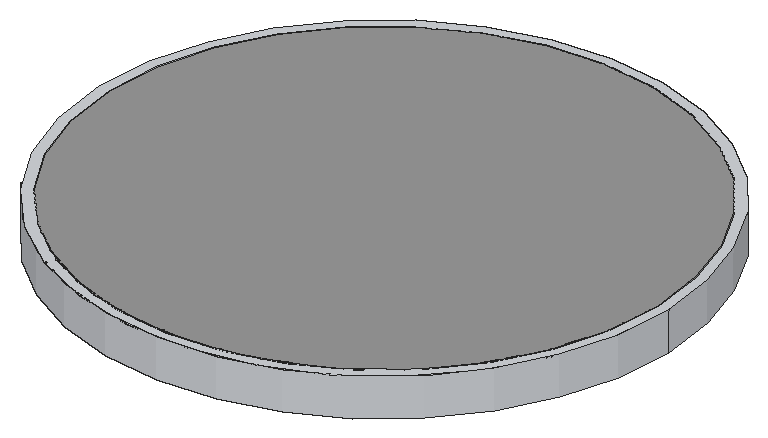
Revit family "2071275", category Lighting Fixtures, host Face, Revit 2018
Family settings
  Host = Face
  Round Connector Dimension = Use Diameter
  Part Type = Normal
  OmniClass Number = 23.80.70.00
  OmniClass Title = Lighting
  Cut with Voids When Loaded = No
  Light Source = Yes
  Shared = No
  Room Calculation Point = No
Parameters (values of type "2071275 COLOSSAL 900 940 OP DIR+H WHT SSA02")
  iner diameter = 856 mm
  Weight = "n/a"
  Wattage Comments = ""
  Wattage = 30 W
  WarrantyStartDate [instance] = "n/a"
  WarrantyGuarantorParts = "n/a"
  WarrantyDurationUnit = "n/a"
  WarrantyDurationParts = ""
  WarrantyDescription = "http://www.sylvania-lighting.com"
  built-in parameter 1150110 = 1 (stored number, unit not read)
  Voltage = 230 V
  URL = "0.95"
  TypeName = "COLOSSAL 900mm 940 OPAL DIR+HAL WHITE SSA02"
  Type Image = <None>
  Type Comments = "n/a"
  built-in parameter 1114217 = 1 (stored number, unit not read)
  Tilt Angle = -90.00°
  built-in parameter 1150109 = 1 (stored number, unit not read)
  built-in parameter 1150134 = (empty or 0)
  built-in parameter 1150113 = 1 (stored number, unit not read)
  SerialNumber [instance] = "n/a"
  Photometric Web File = "2071275.ies"
  Material_3_SYL = LED-Sylvania
  PowerFactor = 0
  PowerConsumption = "Lighting"
  NominalLength = 888 mm
  NominalHeight = 93 mm
  NominalDepth = 888 mm
  Name = "COLOSSAL 900mm 940 OPAL DIR+HAL WHITE SSA02"
  ModelReference = Name  # "COLOSSAL 900mm 940 OPAL DIR+HAL WHITE SSA02"
  ModelNumber = "2071275"
  Model = Name  # "COLOSSAL 900mm 940 OPAL DIR+HAL WHITE SSA02"
  Material = "Feilo Sylvania"
  ManufacturerName = "122 lm/W"
  Manufacturer = ""
  LuminousEfficacy = ""
  built-in parameter 1150105 = 270.44 (stored number, unit not read)
  Lumens = 3398.4 lm
  LuminaireType = "0"
  built-in parameter 1150115 = 1 (stored number, unit not read)
  LightOutputRatio = "LED"
  built-in parameter 1150137 = (empty or 0)
  built-in parameter 1150139 = (empty or 0)
  LampsType = Lamp  # "n/a"
  LampNominalLuminous = "4000 K"
  LampMacAdamStep = "90"
  LampColourTemperature = "LED"
  LampColourRenderingIndex = "16500"
  built-in parameter 1150112 = 1 (stored number, unit not read)
  built-in parameter 1150114 = 1 (stored number, unit not read)
  Lamp = "n/a"
  Keynote = "n/a"
  InstallationDate [instance] = "n/a"
  InputVoltage = "0"
  InputNominalFrequency = "4000"
  built-in parameter 1150132 = (empty or 0)
  built-in parameter 1150102 = (empty or 0)
  built-in parameter 1150107 = 3000 (stored number, unit not read)
  built-in parameter 1150138 = (empty or 0)
  IngressProtection = "IfcLightFixtureType"
  ImpactProtectionIndex = "IfcLightFixtureType"
  built-in parameter 1150106 = 2.7044 (stored number, unit not read)
  IfcExportType = "IfcLightFixtureType"
  IfcExportAs = "Class I"
  Emit from Circle Diameter = 385 mm
  Emit Shape Visible in Rendering = no
  ElectricShockClassification = "122"
  built-in parameter 1150104 = 10.524 (stored number, unit not read)
  DocumentationLiterature = "http://www.sylvania-lighting.com/product/en-int/products/2071275"
  DimmingControlOptions = "n/a"
  Material_2_SYL = Polycarbonate_Sylvania_White
  Dimming Lamp Color Temperature Shift = <None>
  Description = "900mm diameter circular architectural luminaire, can be surface mounted or suspended. Powder coated aluminium housing (RAL9016) with polycarbonate opal diffuser. Direct/indirect (halo) light distribution, 9390lm luminuous flux, 76.8W system power, 122lm/W luminiaire efficacy. Sylsmart Connected enabled. Colour rendering index Ra >90, 4000K Neutral White LED, chromaticity tolerance of 3-step MacAdam ellipse. IP40/IP20, IK03. 450mA drive current. Electrical protection Class1, 220-240V. Reported lifetime 66k hours L90B10."
  Default Elevation = 1219.2 mm
  CreatedOn = "23/03/2022"
  CreatedBy = "@sylvania-lighting.com"
  Cost = 0
  Color Filter = 16777215
  built-in parameter 1114216 [instance] = (empty or 0)
  ClassificationValue = "EF_70_80"
  ClassificationName = "Uniclass2015"
  Material_1_SYL = Polycarbonate_Sylvania_Opal
  BarCode [instance] = "n/a"
  built-in parameter 1114218 = 1 (stored number, unit not read)
  built-in parameter 1150133 = 10 (stored number, unit not read)
  AssetType = "Fixed"
  AssetIdentifier [instance] = "n/a"
  Assembly Code = "D5020200"
  Apparent Load = 76.8 VA
  Material_4_SYL = none
Reference planes
  plane 1 "Center (Front/Back)": y = 0
  plane 2: z = 0
  plane 3 "Center (Left/Right)": x = 0
  plane 4: z = 1.161
  plane 5: z = 16.161
  plane 6: x = -444
  plane 7: x = 444
  plane 8: y = 444
  plane 9: y = -444
  plane 10: y = 236
  plane 11: y = -236
  plane 12: x = 85
  plane 13: x = -85
  plane 14: through (0, 0, 1219.2) normal (0.5, 0.866, 0)
  plane 15: through (42.5, 73.612, 1219.2) normal (0.5, 0.866, 0)
  plane 16: through (-42.5, -73.612, 1219.2) normal (0.5, 0.866, 0)
  plane 17: through (0, 0, 1219.2) normal (0.5, -0.866, 0)
  plane 18: through (-42.5, 73.612, 1219.2) normal (0.5, -0.866, 0)
  plane 19: through (42.5, -73.612, 1219.2) normal (0.5, -0.866, 0)
  plane 20: z = 93
  plane 21: y = 428
  plane 22: y = -428
Forms (mm)
  Extrusion 1, solid, detail levels medium+fine
    sketch origin (0, 0, 0) x (0.866025, -0.5, 0) y (0.5, 0.866025, 0)
      loop
        circle (-50, 86.603) r 22
    from 0 to 2
  Extrusion 2, solid, detail levels medium+fine
    sketch origin (0, 0, 0) x (0.866025, -0.5, 0) y (0.5, 0.866025, 0)
      loop
        circle (100, 0) r 22
      loop
        circle (-50, -86.603) r 22
    from 0 to 2
  Blend 3, solid, detail levels medium+fine
    base sketch origin (0, 0, 0) x (1, 0, 0) y (0, 1, 0)
      loop
        line (-85, 236) -> (-246.882, -44.388) -> (-161.882, -191.612) -> (161.882, -191.612) -> (246.882, -44.388) -> (85, 236) -> (-85, 236)
    top sketch origin (0, 0, 0) x (1, 0, 0) y (0, 1, 0)
      loop
        line (-85, 283.076) -> (-287.651, -67.926) -> (-207.792, -218.119) -> (207.792, -218.119) -> (292.5, -71.401) -> (85, 283.076) -> (-85, 283.076)
    from 0 to 33.022
  Extrusion 4, solid, detail levels medium+fine
    sketch origin (0, 0, 0) x (1, 0, 0) y (0, 1, 0)
      loop
        circle (0, 0) r 444
    from 33.022 to 93
  Extrusion 5, void
    sketch origin (0, 0, 0) x (1, 0, 0) y (0, 1, 0)
      loop
        circle (0, 0) r 428
    from 96.588 to 37.292
  Extrusion 6, solid, material "Glass, White, High Luminance", detail levels fine
    sketch origin (0, 0, 0) x (1, 0, 0) y (0, 1, 0)
      loop
        circle (0, 0) r 428
    from 87.991 to 93
  Extrusion 7, solid, detail levels coarse
    sketch origin (0, 0, 0) x (1, 0, 0) y (0, 1, 0)
      loop
        line (-444, 444) -> (-444, -444) -> (444, -444) -> (444, 444) -> (-444, 444)
    from 0 to 93.648
Cuts and joins
  Extrusion 5 cuts Extrusion 1
  Extrusion 5 cuts Extrusion 2
  Extrusion 5 cuts Blend 3
  Extrusion 5 cuts Extrusion 4
Lines and regions (mm)
  model lines, detail levels medium+fine
    curve 1: circle (0, 0, 0) r 100 normal (0, 0, 1)
Dimensions and locks
  "NominalDepth": plane 8 to plane 9
  plane 8 to plane 1 "Center (Front/Back)" to plane 9 = 444 mm, 444 mm
  "NominalLength": plane 6 to plane 7
  equal spacing: plane 6, plane 3 "Center (Left/Right)", plane 7
  "NominalHeight": level to plane 20
  "iner diameter": plane 21 to plane 22
  equal spacing: plane 21, plane 1 "Center (Front/Back)", plane 22
  aligned and locked: plane 2 to host face
  aligned and locked: level to host face
Automatic sketch dimensions
  host sketch curve to host sketch curve = 2438.4 mm  (x2)
  Extrusion 1 sketch curve to plane 3 "Center (Left/Right)" = 0 mm
  Extrusion 1 sketch curve to plane 1 "Center (Front/Back)" = 100 mm
  plane 1 "Center (Front/Back)" to Extrusion 2 sketch curve = 50 mm
  Extrusion 2 sketch curve to plane 3 "Center (Left/Right)" = 86.603 mm
  Extrusion 2 sketch curve to Extrusion 2 sketch curve = 150 mm
  Extrusion 2 sketch curve to Extrusion 2 sketch curve = 86.603 mm
  plane 1 "Center (Front/Back)" to curve 1 = 0 mm
  curve 1 to plane 3 "Center (Left/Right)" = 0 mm
  plane 18 to Blend 3 sketch curve = 0 mm  (x2)
  plane 19 to Blend 3 sketch curve = 0 mm  (x2)
  Blend 3 sketch curve to plane 10 = 0 mm
  Blend 3 sketch curve to plane 13 = 0 mm  (x2)
  Blend 3 sketch curve to plane 12 = 0 mm  (x2)
  Blend 3 sketch curve to plane 16 = 0 mm  (x2)
  Blend 3 sketch curve to plane 15 = 0 mm
  plane 11 to Blend 3 sketch curve = 44.388 mm
  plane 1 "Center (Front/Back)" to Blend 3 sketch curve = 44.388 mm  (x2)
  plane 11 to Blend 3 sketch curve = 17.881 mm
  plane 1 "Center (Front/Back)" to Blend 3 sketch curve = 67.926 mm
  plane 1 "Center (Front/Back)" to Blend 3 sketch curve = 71.401 mm
  Blend 3 sketch curve to plane 7 = 151.5 mm
  plane 10 to Blend 3 sketch curve = 47.076 mm
  plane 1 "Center (Front/Back)" to Extrusion 4 sketch curve = 0 mm
  Extrusion 4 sketch curve to plane 3 "Center (Left/Right)" = 0 mm
  plane 1 "Center (Front/Back)" to Extrusion 5 sketch curve = 0 mm
  Extrusion 5 sketch curve to plane 3 "Center (Left/Right)" = 0 mm
  plane 1 "Center (Front/Back)" to Extrusion 6 sketch curve = 0 mm
  Extrusion 6 sketch curve to plane 3 "Center (Left/Right)" = 0 mm
  Extrusion 7 sketch curve to plane 6 = 0 mm
  Extrusion 7 sketch curve to plane 7 = 0 mm
  Extrusion 7 sketch curve to plane 9 = 0 mm
  Extrusion 7 sketch curve to plane 8 = 0 mm
  radius of Extrusion 1 sketch curve = 22 mm
  radius of Extrusion 2 sketch curve = 22 mm  (x2)
  radius of curve 1 = 100 mm
  radius of Extrusion 4 sketch curve = 444 mm
  radius of Extrusion 5 sketch curve = 428 mm
  radius of Extrusion 6 sketch curve = 428 mm
Connectors
  electrical at (0, 0, 0), driven by "Apparent Load", driven by "PowerFactor", driven by "Voltage"
    settings: index 1, voltage 230 V, apparent load 76.8 VA, apparent load phase1 0 VA, apparent load phase2 0 VA, apparent load phase3 0 VA, power factor 0, load classification "Lighting", number of poles 1, system type 30, power factor state 1, is connector primary yes, connector utility no, sub classification motor no, connector description ""
